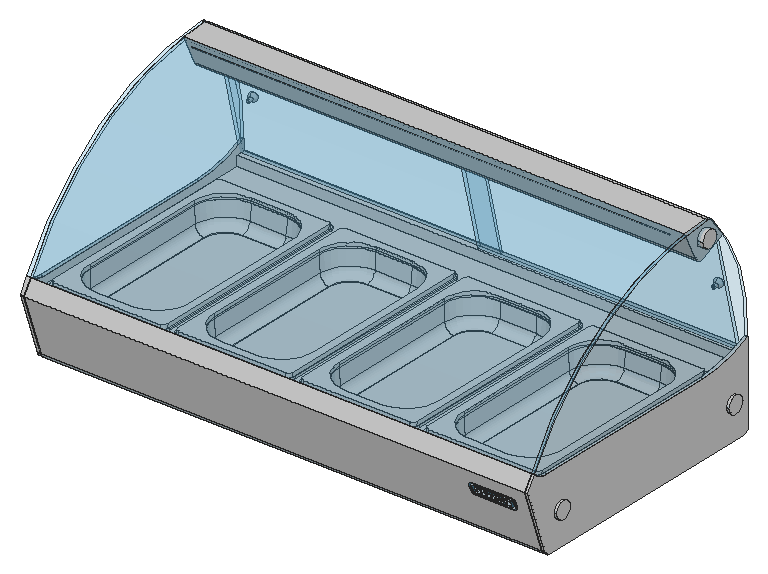
Revit family "QF_BLIZZARD_HDC1", category Specialty Equipment, Revit 2016
Family settings
  Part Type = Normal
  Round Connector Dimension = Use Diameter
  OmniClass Number = 23.40.40.14
  OmniClass Title = Food Service Equipment
  Work Plane-Based = No
  Always vertical = Yes
  Cut with Voids When Loaded = No
  Shared = No
  Room Calculation Point = No
Parameters (values of type "HDC1")
  URL = "www.blizzardequipment.com"
  Show Logo [instance] = yes
  Show Clearance [instance] = yes
  Model = "HDC1"
  Manufacturer = "BLIZZARD"
  Description = "COUNTER TOP HEATED MERCHANDISER 4 X GN1/3"
  Assembly Code = "E1090320"
Reference planes
  plane 1 "Back": y = 0
  plane 2: z = 0
  plane 3 "Left": x = 0
  plane 4 "Right": x = 773
  plane 5 "Front": y = -420
  plane 6 "Top": z = 336
Forms (mm)
  Extrusion 1, solid, visible <- "Show Logo"
    sketch origin (655.415, -361.436, -47.784) x (1, 0, 0) y (0, -0.33035, 0.943858)
      loop
        arc (22.13, 139.05) -> (23.822, 134.965) -> (27.907, 133.273) r 5.777
        line (27.907, 133.273) -> (86.809, 133.273)
        arc (86.809, 133.273) -> (90.894, 134.965) -> (92.585, 139.05) r 5.777
        line (92.585, 139.05) -> (92.585, 147.215)
        arc (92.585, 147.215) -> (90.894, 151.299) -> (86.809, 152.991) r 5.777
        line (86.809, 152.991) -> (27.907, 152.991)
        arc (27.907, 152.991) -> (23.822, 151.299) -> (22.13, 147.215) r 5.777
        line (22.13, 147.215) -> (22.13, 139.05)
    from 0 to 2
  Extrusion 2, solid, visible <- "Show Logo"
    sketch origin (655.415, -363.28, -43.122) x (1, 0, 0) y (0, -0.33035, 0.943858)
      loop
        line (30.3, 133.137) -> (36.162, 133.137)
        arc (36.162, 133.137) -> (39.122, 134.994) -> (38.048, 138.319) r 2.844
        arc (38.048, 138.319) -> (38.838, 141.267) -> (36.338, 143.017) r 2.66
        line (36.338, 143.017) -> (31.338, 143.017) -> (30.3, 133.137)
      loop
        line (33.066, 135.126) -> (35.993, 135.126)
        arc (35.993, 135.126) -> (36.943, 136.076) -> (35.993, 137.026) r 0.95
        line (35.993, 137.026) -> (33.066, 137.026) -> (33.066, 135.126)
      loop
        line (33.528, 139.285) -> (36.147, 139.285)
        arc (36.147, 139.285) -> (36.994, 140.133) -> (36.147, 140.98) r 0.847
        line (36.147, 140.98) -> (33.528, 140.98) -> (33.528, 139.285)
      loop
        line (40.306, 133.137) -> (42.874, 133.137) -> (43.912, 143.017) -> (41.344, 143.017) -> (40.306, 133.137)
      loop
        line (45.174, 140.98) -> (47.749, 140.98) -> (47.964, 143.017) -> (45.389, 143.017) -> (45.174, 140.98)
      loop
        line (45.104, 140.313) -> (44.35, 133.137) -> (46.671, 133.137) -> (47.425, 140.313) -> (45.104, 140.313)
      loop
        line (48.314, 138.359) -> (51.196, 138.359) -> (47.765, 134.548) -> (47.765, 133.137) -> (54.184, 133.137) -> (54.393, 135.126) -> (51.213, 135.126) -> (54.657, 138.952) -> (54.657, 140.313) -> (48.519, 140.313) -> (48.314, 138.359)
      loop
        line (55.213, 138.359) -> (58.095, 138.359) -> (54.664, 134.548) -> (54.664, 133.137) -> (61.084, 133.137) -> (61.293, 135.126) -> (58.112, 135.126) -> (61.557, 138.952) -> (61.557, 140.313) -> (55.419, 140.313) -> (55.213, 138.359)
      loop
        arc (64.816, 137.983) -> (65.785, 138.952) -> (66.753, 137.983) r 0.969
        line (66.753, 137.983) -> (64.711, 137.436)
        arc (64.711, 137.436) -> (62.642, 134.297) -> (66.342, 133.633) r 2.251
        line (66.342, 133.633) -> (66.77, 132.921) -> (69.168, 132.921) -> (68.641, 134.052) -> (69.084, 138.274)
        arc (69.084, 138.274) -> (65.782, 140.567) -> (62.514, 138.225) r 3.488
        line (62.514, 138.225) -> (64.816, 137.983)
      loop
        line (69.848, 133.137) -> (72.232, 133.137) -> (72.59, 136.546)
        arc (72.59, 136.546) -> (73.413, 137.974) -> (75.025, 138.32) r 2.029
        line (75.025, 138.32) -> (75.83, 140.313)
        arc (75.83, 140.313) -> (74.279, 140.541) -> (72.927, 139.749) r 2.362
        line (72.927, 139.749) -> (72.927, 140.627) -> (70.635, 140.627) -> (69.848, 133.137)
      loop
        line (82.596, 133.137) -> (83.635, 143.017) -> (81.373, 143.017) -> (81.031, 139.764)
        arc (81.031, 139.764) -> (75.402, 137.124) -> (80.359, 133.372) r 3.631
        line (80.359, 133.372) -> (82.596, 133.137)
      loop
        spline (78.956, 134.82) -> (79.32, 134.851) -> (79.675, 135.016) -> (79.994, 135.304) -> (80.258, 135.695) -> (80.446, 136.164) -> (80.548, 136.677) -> (80.555, 137.2) -> (80.468, 137.697) -> (80.292, 138.134) -> (80.039, 138.483) -> (79.727, 138.718) -> (79.376, 138.823)
        spline (79.376, 138.823) -> (79.011, 138.793) -> (78.657, 138.628) -> (78.338, 138.34) -> (78.074, 137.948) -> (77.886, 137.48) -> (77.784, 136.967) -> (77.777, 136.444) -> (77.864, 135.947) -> (78.04, 135.509) -> (78.293, 135.161) -> (78.605, 134.926) -> (78.956, 134.82)
      loop
        line (66.385, 136.28) -> (64.729, 135.958)
        arc (64.729, 135.958) -> (64.361, 135.233) -> (65.042, 134.788) r 0.609
        arc (65.042, 134.788) -> (66.068, 135.215) -> (66.385, 136.28) r 1.295
      loop
        line (85.459, 146.184) -> (29.578, 146.184)
        arc (29.578, 146.184) -> (25.494, 144.492) -> (23.802, 140.407) r 5.777
        line (23.802, 140.407) -> (23.802, 135.662)
        arc (23.802, 135.662) -> (25.494, 131.578) -> (29.578, 129.886) r 5.777
        line (29.578, 129.886) -> (85.459, 129.886)
        arc (85.459, 129.886) -> (89.544, 131.578) -> (91.236, 135.662) r 5.777
        line (91.236, 135.662) -> (91.236, 140.407)
        arc (91.236, 140.407) -> (89.544, 144.492) -> (85.459, 146.184) r 5.777
      loop
        line (85.459, 145.184) -> (29.578, 145.184)
        arc (29.578, 145.184) -> (26.201, 143.785) -> (24.802, 140.407) r 4.777
        line (24.802, 140.407) -> (24.802, 135.662)
        arc (24.802, 135.662) -> (26.201, 132.285) -> (29.578, 130.886) r 4.777
        line (29.578, 130.886) -> (85.459, 130.886)
        arc (85.459, 130.886) -> (88.837, 132.285) -> (90.236, 135.662) r 4.777
        line (90.236, 135.662) -> (90.236, 140.407)
        arc (90.236, 140.407) -> (88.837, 143.785) -> (85.459, 145.184) r 4.777
    from 0 to 2
  Revolve 3, solid
    sketch origin (617, 5, -19.911) x (0, -1, 0) y (0, 0, 1)
      loop
        line (5, 84.911) -> (5, 109.911) -> (3, 109.911) -> (3, 104.911) -> (-10, 104.911) -> (-10, 84.911) -> (5, 84.911)
      axis (5, 84.911) -> (-10, 84.911)
    angle from 0 to 360
  Extrusion 4, solid
    sketch origin (717, 15.5, -19.911) x (1, 0, 0) y (0, 0, 1)
      loop
        line (-82, 84.911) -> (-84, 84.911)
        arc (-84, 84.911) -> (-100, 68.911) -> (-116, 84.911) r 16
        line (-116, 84.911) -> (-118, 84.911)
        arc (-118, 84.911) -> (-100, 66.911) -> (-82, 84.911) r 18
    from 0 to 2
  Extrusion 5, solid
    sketch origin (717, 15.5, 16.089) x (1, 0, 0) y (0, 0, 1)
      loop
        line (-98.5, 51.911) -> (-98.5, 66.911) -> (-101.5, 66.911) -> (-101.5, 51.911) -> (-98.5, 51.911)
    from 0 to 2
  Extrusion 6, solid
    sketch origin (718, -10.001, -739.911) x (-1, 0, 0) y (0, 0, 1)
      loop
        arc (6, 815) -> (3.879, 814.121) -> (3, 812) r 3
        line (3, 812) -> (3, 798)
        arc (3, 798) -> (3.879, 795.879) -> (6, 795) r 3
        line (6, 795) -> (20, 795)
        arc (20, 795) -> (22.121, 795.879) -> (23, 798) r 3
        line (23, 798) -> (23, 812)
        arc (23, 812) -> (22.121, 814.121) -> (20, 815) r 3
        line (20, 815) -> (6, 815)
    from 9.001 to 20
  Extrusion 7, void
    sketch origin (720.5, -650.001, -739.911) x (0, -1, 0) y (0, 0, 1)
      loop
        line (-659.545, 817.359) -> (-661.721, 817.359) -> (-661.721, 793) -> (-653.921, 793) -> (-659.545, 817.359)
    from 1.654 to 31.654
  Extrusion 8, solid
    sketch origin (718, -2, -739.911) x (-1, 0, 0) y (0, 0, 1)
      loop
        arc (6, 818) -> (1.757, 816.243) -> (0, 812) r 6
        line (0, 812) -> (0, 798)
        arc (0, 798) -> (1.757, 793.757) -> (6, 792) r 6
        line (6, 792) -> (21, 792)
        arc (21, 792) -> (25.243, 793.757) -> (27, 798) r 6
        line (27, 798) -> (27, 812)
        arc (27, 812) -> (25.243, 816.243) -> (21, 818) r 6
        line (21, 818) -> (6, 818)
    from 0 to 4
  Extrusion 9, solid
    sketch origin (1074.781, -174.967, -715.087) x (-1, 0, 0) y (0, 0.224951, 0.97437)
      loop
        line (368.781, 810.281) -> (368.781, 805.281) -> (370.781, 805.281) -> (370.781, 810.281) -> (368.781, 810.281)
    from 0 to 2
  Extrusion 10, solid
    sketch origin (1074.781, -178.116, -728.729) x (-1, 0, 0) y (0, 0.224951, 0.97437)
      loop
        circle (369.781, 809.781) r 2.5
      loop
        circle (369.781, 809.781) r 3.5
    from 0 to 2
  Extrusion 11, solid
    sketch origin (669, -2, -739.911) x (-1, 0, 0) y (0, 0, 1)
      loop
        circle (2.5, 805) r 4.5
    from 0 to 4
  Sweep 12, solid
    path origin (338.5, -58.912, 75) x (0, -1, 0) y (1, 0, 0)
      loop
        line (62.985, -289.089) -> (262.011, -289.089)
        arc (262.011, -289.089) -> (279.398, -281.887) -> (286.6, -264.5) r 24.589
        line (286.6, -264.5) -> (286.6, -209.5)
        arc (286.6, -209.5) -> (279.398, -192.113) -> (262.011, -184.911) r 24.589
        line (262.011, -184.911) -> (62.985, -184.911)
        arc (62.985, -184.911) -> (45.598, -192.113) -> (38.396, -209.5) r 24.589
        line (38.396, -209.5) -> (38.396, -264.5)
        arc (38.396, -264.5) -> (45.598, -281.887) -> (62.985, -289.089) r 24.589
    profile origin (49.411, -221.41, 75) x (1, 0, 0) y (0, 0, 1)
      loop
        arc (-8.134, 2) -> (-17.771, 5.845) -> (-22.115, 15.267) r 14
        line (-22.115, 15.267) -> (-23.411, 40) -> (-25.414, 40) -> (-24.113, 15.163)
        arc (-24.113, 15.163) -> (-19.148, 4.394) -> (-8.134, 0) r 16
        line (-8.134, 0) -> (-8.134, 2)
  Extrusion 13, solid
    sketch origin (338.5, -58.912, -23) x (0, -1, 0) y (1, 0, 0)
      loop
        line (0, -156) -> (0, -318)
        arc (0, -318) -> (2.636, -324.364) -> (9, -327) r 9
        line (9, -327) -> (316, -327)
        arc (316, -327) -> (322.364, -324.364) -> (325, -318) r 9
        line (325, -318) -> (325, -156)
        arc (325, -156) -> (322.364, -149.636) -> (316, -147) r 9
        line (316, -147) -> (9, -147)
        arc (9, -147) -> (2.636, -149.636) -> (0, -156) r 9
      loop
        arc (14.985, -264.5) -> (29.043, -298.441) -> (62.985, -312.5) r 48
        line (62.985, -312.5) -> (262.2, -312.5)
        arc (262.2, -312.5) -> (296.011, -298.495) -> (310.015, -264.685) r 47.815
        line (310.015, -264.685) -> (310.015, -209.5)
        arc (310.015, -209.5) -> (295.957, -175.559) -> (262.015, -161.5) r 48
        line (262.015, -161.5) -> (62.985, -161.5)
        arc (62.985, -161.5) -> (29.043, -175.559) -> (14.985, -209.5) r 48
        line (14.985, -209.5) -> (14.985, -264.5)
    from 138 to 140
  Extrusion 14, solid
    sketch origin (338.5, -58.912, -23) x (0, -1, 0) y (1, 0, 0)
      loop
        arc (3, -318) -> (4.757, -322.243) -> (9, -324) r 6
        line (9, -324) -> (315.996, -324)
        arc (315.996, -324) -> (320.239, -322.243) -> (321.996, -318) r 6
        line (321.996, -318) -> (321.996, -156)
        arc (321.996, -156) -> (320.239, -151.757) -> (315.996, -150) r 6
        line (315.996, -150) -> (9, -150)
        arc (9, -150) -> (4.757, -151.757) -> (3, -156) r 6
        line (3, -156) -> (3, -318)
      loop
        arc (14.985, -264.5) -> (29.043, -298.441) -> (62.985, -312.5) r 48
        line (62.985, -312.5) -> (262.011, -312.5)
        arc (262.011, -312.5) -> (295.953, -298.441) -> (310.011, -264.5) r 48
        line (310.011, -264.5) -> (310.011, -209.5)
        arc (310.011, -209.5) -> (295.953, -175.559) -> (262.011, -161.5) r 48
        line (262.011, -161.5) -> (62.985, -161.5)
        arc (62.985, -161.5) -> (29.043, -175.559) -> (14.985, -209.5) r 48
        line (14.985, -209.5) -> (14.985, -264.5)
    from 140 to 145
  Extrusion 15, solid
    sketch origin (338.5, -478.828, 75.004) x (0, -1, 0.00001) y (1, 0, 0)
      loop
        line (-389.654, -264.535) -> (-389.654, -209.535)
        arc (-389.654, -209.535) -> (-380.083, -186.374) -> (-356.931, -176.777) r 32.723
        line (-356.931, -176.777) -> (-157.905, -176.777)
        arc (-157.905, -176.777) -> (-134.766, -186.361) -> (-125.182, -209.5) r 32.723
        line (-125.182, -209.5) -> (-125.182, -264.5)
        arc (-125.182, -264.5) -> (-134.766, -287.639) -> (-157.905, -297.223) r 32.723
        line (-157.905, -297.223) -> (-356.931, -297.223)
        arc (-356.931, -297.223) -> (-380.083, -287.626) -> (-389.654, -264.465) r 32.723
    from 0 to 2
  Extrusion 16, solid
    sketch origin (40, -40, 0) x (1, 0, 0) y (0, 1, 0)
      loop
        circle (0, 0) r 10
    from 0 to 15
  Extrusion 17, solid
    sketch origin (733, -40, 0) x (1, 0, 0) y (0, 1, 0)
      loop
        circle (0, 0) r 10
    from 0 to 15
  Extrusion 18, solid
    sketch origin (0, 0, 0) x (0, 1, 0) y (0, 0, 1)
      loop
        arc (-10, 15) -> (-2.929, 17.929) -> (0, 25) r 10
        line (0, 25) -> (0, 115) -> (0, 145)
        arc (0, 145) -> (-41.021, 130.574) -> (-84.147, 125) r 207.799
        line (-84.147, 125) -> (-380.87, 125)
        arc (-380.87, 125) -> (-394.738, 127.627) -> (-406.775, 135) r 39.165
        arc (-406.775, 135) -> (-413.514, 125.084) -> (-420, 115) r 471.337
        line (-420, 115) -> (-387.344, 21.696)
        arc (-387.344, 21.696) -> (-383.692, 16.844) -> (-377.905, 15) r 10
        line (-377.905, 15) -> (-10, 15)
    from 0 to 5
  Extrusion 19, solid
    sketch origin (0, 0, 0) x (0, 1, 0) y (0, 0, 1)
      loop
        arc (-10, 15) -> (-2.929, 17.929) -> (0, 25) r 10
        line (0, 25) -> (0, 115) -> (-386.775, 115) -> (-406.775, 135)
        arc (-406.775, 135) -> (-413.514, 125.084) -> (-420, 115) r 471.337
        line (-420, 115) -> (-387.344, 21.696)
        arc (-387.344, 21.696) -> (-383.692, 16.844) -> (-377.905, 15) r 10
        line (-377.905, 15) -> (-10, 15)
    from 5 to 768
  Extrusion 20, solid
    sketch origin (768, 0, 0) x (0, 1, 0) y (0, 0, 1)
      loop
        arc (-10, 15) -> (-2.929, 17.929) -> (0, 25) r 10
        line (0, 25) -> (0, 115) -> (0, 145)
        arc (0, 145) -> (-41.021, 130.574) -> (-84.147, 125) r 207.799
        line (-84.147, 125) -> (-380.87, 125)
        arc (-380.87, 125) -> (-394.738, 127.627) -> (-406.775, 135) r 39.165
        arc (-406.775, 135) -> (-413.514, 125.084) -> (-420, 115) r 471.337
        line (-420, 115) -> (-387.344, 21.696)
        arc (-387.344, 21.696) -> (-383.692, 16.844) -> (-377.905, 15) r 10
        line (-377.905, 15) -> (-10, 15)
    from 0 to 5
  Extrusion 21, solid
    sketch origin (0, 0, 0) x (0, 1, 0) y (0, 0, 1)
      loop
        arc (0, 145) -> (-14.647, 246.207) -> (-66.897, 334.111) r 262.178
        arc (-66.897, 334.111) -> (-70.369, 336.605) -> (-74.564, 337.421) r 10
        arc (-74.564, 337.421) -> (-267.811, 280.754) -> (-406.775, 135) r 388.748
        arc (-406.775, 135) -> (-394.738, 127.627) -> (-380.87, 125) r 39.165
        line (-380.87, 125) -> (-84.147, 125)
        arc (-84.147, 125) -> (-41.021, 130.574) -> (0, 145) r 207.799
    from 0 to 5
  Extrusion 22, solid
    sketch origin (768, 0, 0) x (0, 1, 0) y (0, 0, 1)
      loop
        arc (0, 145) -> (-14.647, 246.207) -> (-66.897, 334.111) r 262.178
        arc (-66.897, 334.111) -> (-70.369, 336.605) -> (-74.564, 337.421) r 10
        arc (-74.564, 337.421) -> (-267.811, 280.754) -> (-406.775, 135) r 388.748
        arc (-406.775, 135) -> (-394.738, 127.627) -> (-380.87, 125) r 39.165
        line (-380.87, 125) -> (-84.147, 125)
        arc (-84.147, 125) -> (-41.021, 130.574) -> (0, 145) r 207.799
    from 0 to 5
  Extrusion 23, solid
    sketch origin (-5, 0, 52.55) x (0, 1, 0) y (0, 0, 1)
      loop
        circle (-30, 15) r 12.45
    from 0 to 5
  Extrusion 24, solid
    sketch origin (-5, -387.905, 52.55) x (0, -1, 0) y (0, 0, -1)
      loop
        circle (-30, -15) r 12.45
    from 0 to 5
  Extrusion 25, solid
    sketch origin (-5, -49.564, 299.971) x (0, 1, 0) y (0, 0, 1)
      loop
        circle (-30, 15) r 12.45
    from 0 to 783
  Extrusion 26, solid
    sketch origin (778, 0, 52.55) x (0, 1, 0) y (0, 0, -1)
      loop
        circle (-30, -15) r 12.45
    from 0 to 5
  Extrusion 27, solid
    sketch origin (778, -387.905, 52.55) x (0, -1, 0) y (0, 0, 1)
      loop
        circle (-30, 15) r 12.45
    from 0 to 5
  Extrusion 28, solid
    sketch origin (5, 0, 0) x (0, 1, 0) y (0, 0, 1)
      loop
        arc (-66.897, 334.111) -> (-70.369, 336.605) -> (-74.564, 337.421) r 10
        arc (-74.564, 337.421) -> (-94.314, 336.459) -> (-113.989, 334.494) r 388.748
        line (-113.989, 334.494) -> (-93.317, 290.162)
        arc (-93.317, 290.162) -> (-87.674, 284.991) -> (-80.027, 285.325) r 10
        line (-80.027, 285.325) -> (-42.698, 302.732)
        arc (-42.698, 302.732) -> (-54.204, 318.879) -> (-66.897, 334.111) r 262.178
    from 0 to 763
  Extrusion 29, solid
    sketch origin (0, 0, 0) x (0, 1, 0) y (0, 0, 1)
      loop
        arc (-113.989, 334.494) -> (-284.429, 270.04) -> (-406.775, 135) r 388.748
        line (-406.775, 135) -> (-403.087, 131.313)
        arc (-403.087, 131.313) -> (-281.556, 265.947) -> (-111.768, 329.73) r 383.748
        line (-111.768, 329.73) -> (-113.989, 334.494)
    from 5 to 768
  Extrusion 30, solid
    sketch origin (0, 0, 0) x (0, 1, 0) y (0, 0, 1)
      loop
        line (0, 115) -> (0, 130) -> (-15, 130) -> (-15, 115) -> (0, 115)
    from 5 to 768
  Extrusion 31, solid
    sketch origin (0, 2.5, 0) x (0, 1, 0) y (0, 0, 1)
      loop
        line (-52.106, 299.511) -> (-10.151, 130) -> (-5, 130) -> (-47.488, 301.664) -> (-52.106, 299.511)
    from 5 to 401.5
  Extrusion 32, solid
    sketch origin (366.5, -2.354, -1.201) x (0, 1, 0) y (0, 0, 1)
      loop
        line (-51.871, 298.559) -> (-10.448, 131.201) -> (-5.297, 131.201) -> (-47.253, 300.712) -> (-51.871, 298.559)
    from 5 to 401.5
  Revolve 33, solid
    sketch origin (30, 0, 0) x (0, 1, 0) y (0, 0, 1)
      loop
        line (-23.744, 215.832) -> (-11.173, 218.943) -> (-11.733, 221.411)
        arc (-11.733, 221.411) -> (-16.002, 224.031) -> (-18.52, 219.7) r 3.501
        line (-18.52, 219.7) -> (-24.345, 218.259) -> (-23.744, 215.832)
      axis (-23.744, 215.832) -> (-11.125, 218.955)
    angle from 0 to 360
  Revolve 34, solid
    sketch origin (743, -4.854, -1.201) x (0, 1, 0) y (0, 0, -1)
      loop
        line (-23.744, -215.832) -> (-24.345, -218.259) -> (-18.52, -219.7)
        arc (-18.52, -219.7) -> (-16.002, -224.031) -> (-11.733, -221.411) r 3.501
        line (-11.733, -221.411) -> (-11.173, -218.943) -> (-23.744, -215.832)
      axis (-23.744, -215.832) -> (-11.125, -218.955)
    angle from 0 to 360
  Extrusion 35, void
    sketch origin (0, 0, 5) x (1, 0, 0) y (0, 1, 0)
      loop
        line (182.5, -61.912) -> (20.5, -61.912)
        arc (20.5, -61.912) -> (16.257, -63.67) -> (14.5, -67.912) r 6
        line (14.5, -67.912) -> (14.5, -374.908)
        arc (14.5, -374.908) -> (16.257, -379.151) -> (20.5, -380.908) r 6
        line (20.5, -380.908) -> (182.5, -380.908)
        arc (182.5, -380.908) -> (186.743, -379.151) -> (188.5, -374.908) r 6
        line (188.5, -374.908) -> (188.5, -67.912)
        arc (188.5, -67.912) -> (186.743, -63.67) -> (182.5, -61.912) r 6
    from 65 to 125
  Sweep 36, solid
    path origin (528.5, -58.912, 75) x (0, -1, 0) y (1, 0, 0)
      loop
        line (62.985, -289.089) -> (262.011, -289.089)
        arc (262.011, -289.089) -> (279.398, -281.887) -> (286.6, -264.5) r 24.589
        line (286.6, -264.5) -> (286.6, -209.5)
        arc (286.6, -209.5) -> (279.398, -192.113) -> (262.011, -184.911) r 24.589
        line (262.011, -184.911) -> (62.985, -184.911)
        arc (62.985, -184.911) -> (45.598, -192.113) -> (38.396, -209.5) r 24.589
        line (38.396, -209.5) -> (38.396, -264.5)
        arc (38.396, -264.5) -> (45.598, -281.887) -> (62.985, -289.089) r 24.589
    profile origin (239.411, -221.41, 75) x (1, 0, 0) y (0, 0, 1)
      loop
        arc (-8.134, 2) -> (-17.771, 5.845) -> (-22.115, 15.267) r 14
        line (-22.115, 15.267) -> (-23.411, 40) -> (-25.414, 40) -> (-24.113, 15.163)
        arc (-24.113, 15.163) -> (-19.148, 4.394) -> (-8.134, 0) r 16
        line (-8.134, 0) -> (-8.134, 2)
  Extrusion 37, solid
    sketch origin (528.5, -58.912, -23) x (0, -1, 0) y (1, 0, 0)
      loop
        line (0, -156) -> (0, -318)
        arc (0, -318) -> (2.636, -324.364) -> (9, -327) r 9
        line (9, -327) -> (316, -327)
        arc (316, -327) -> (322.364, -324.364) -> (325, -318) r 9
        line (325, -318) -> (325, -156)
        arc (325, -156) -> (322.364, -149.636) -> (316, -147) r 9
        line (316, -147) -> (9, -147)
        arc (9, -147) -> (2.636, -149.636) -> (0, -156) r 9
      loop
        arc (14.985, -264.5) -> (29.043, -298.441) -> (62.985, -312.5) r 48
        line (62.985, -312.5) -> (262.2, -312.5)
        arc (262.2, -312.5) -> (296.011, -298.495) -> (310.015, -264.685) r 47.815
        line (310.015, -264.685) -> (310.015, -209.5)
        arc (310.015, -209.5) -> (295.957, -175.559) -> (262.015, -161.5) r 48
        line (262.015, -161.5) -> (62.985, -161.5)
        arc (62.985, -161.5) -> (29.043, -175.559) -> (14.985, -209.5) r 48
        line (14.985, -209.5) -> (14.985, -264.5)
    from 138 to 140
  Extrusion 38, solid
    sketch origin (528.5, -58.912, -23) x (0, -1, 0) y (1, 0, 0)
      loop
        arc (3, -318) -> (4.757, -322.243) -> (9, -324) r 6
        line (9, -324) -> (315.996, -324)
        arc (315.996, -324) -> (320.239, -322.243) -> (321.996, -318) r 6
        line (321.996, -318) -> (321.996, -156)
        arc (321.996, -156) -> (320.239, -151.757) -> (315.996, -150) r 6
        line (315.996, -150) -> (9, -150)
        arc (9, -150) -> (4.757, -151.757) -> (3, -156) r 6
        line (3, -156) -> (3, -318)
      loop
        arc (14.985, -264.5) -> (29.043, -298.441) -> (62.985, -312.5) r 48
        line (62.985, -312.5) -> (262.011, -312.5)
        arc (262.011, -312.5) -> (295.953, -298.441) -> (310.011, -264.5) r 48
        line (310.011, -264.5) -> (310.011, -209.5)
        arc (310.011, -209.5) -> (295.953, -175.559) -> (262.011, -161.5) r 48
        line (262.011, -161.5) -> (62.985, -161.5)
        arc (62.985, -161.5) -> (29.043, -175.559) -> (14.985, -209.5) r 48
        line (14.985, -209.5) -> (14.985, -264.5)
    from 140 to 145
  Extrusion 39, solid
    sketch origin (528.5, -478.828, 75.004) x (0, -1, 0.00001) y (1, 0, 0)
      loop
        arc (-356.931, -176.777) -> (-380.083, -186.374) -> (-389.654, -209.535) r 32.723
        line (-389.654, -209.535) -> (-389.654, -264.465)
        arc (-389.654, -264.465) -> (-380.083, -287.626) -> (-356.931, -297.223) r 32.723
        line (-356.931, -297.223) -> (-157.905, -297.223)
        arc (-157.905, -297.223) -> (-134.766, -287.639) -> (-125.182, -264.5) r 32.723
        line (-125.182, -264.5) -> (-125.182, -209.5)
        arc (-125.182, -209.5) -> (-134.766, -186.361) -> (-157.905, -176.777) r 32.723
        line (-157.905, -176.777) -> (-356.931, -176.777)
    from 0 to 2
  Extrusion 40, void
    sketch origin (190, 0, 5) x (1, 0, 0) y (0, 1, 0)
      loop
        line (182.5, -61.912) -> (20.5, -61.912)
        arc (20.5, -61.912) -> (16.257, -63.67) -> (14.5, -67.912) r 6
        line (14.5, -67.912) -> (14.5, -374.908)
        arc (14.5, -374.908) -> (16.257, -379.151) -> (20.5, -380.908) r 6
        line (20.5, -380.908) -> (182.5, -380.908)
        arc (182.5, -380.908) -> (186.743, -379.151) -> (188.5, -374.908) r 6
        line (188.5, -374.908) -> (188.5, -67.912)
        arc (188.5, -67.912) -> (186.743, -63.67) -> (182.5, -61.912) r 6
    from 65 to 125
  Sweep 41, solid
    path origin (718.5, -58.912, 75) x (0, -1, 0) y (1, 0, 0)
      loop
        line (62.985, -289.089) -> (262.011, -289.089)
        arc (262.011, -289.089) -> (279.398, -281.887) -> (286.6, -264.5) r 24.589
        line (286.6, -264.5) -> (286.6, -209.5)
        arc (286.6, -209.5) -> (279.398, -192.113) -> (262.011, -184.911) r 24.589
        line (262.011, -184.911) -> (62.985, -184.911)
        arc (62.985, -184.911) -> (45.598, -192.113) -> (38.396, -209.5) r 24.589
        line (38.396, -209.5) -> (38.396, -264.5)
        arc (38.396, -264.5) -> (45.598, -281.887) -> (62.985, -289.089) r 24.589
    profile origin (429.411, -221.41, 75) x (1, 0, 0) y (0, 0, 1)
      loop
        arc (-8.134, 2) -> (-17.771, 5.845) -> (-22.115, 15.267) r 14
        line (-22.115, 15.267) -> (-23.411, 40) -> (-25.414, 40) -> (-24.113, 15.163)
        arc (-24.113, 15.163) -> (-19.148, 4.394) -> (-8.134, 0) r 16
        line (-8.134, 0) -> (-8.134, 2)
  Extrusion 42, solid
    sketch origin (718.5, -58.912, -23) x (0, -1, 0) y (1, 0, 0)
      loop
        line (0, -156) -> (0, -318)
        arc (0, -318) -> (2.636, -324.364) -> (9, -327) r 9
        line (9, -327) -> (316, -327)
        arc (316, -327) -> (322.364, -324.364) -> (325, -318) r 9
        line (325, -318) -> (325, -156)
        arc (325, -156) -> (322.364, -149.636) -> (316, -147) r 9
        line (316, -147) -> (9, -147)
        arc (9, -147) -> (2.636, -149.636) -> (0, -156) r 9
      loop
        arc (14.985, -264.5) -> (29.043, -298.441) -> (62.985, -312.5) r 48
        line (62.985, -312.5) -> (262.2, -312.5)
        arc (262.2, -312.5) -> (296.011, -298.495) -> (310.015, -264.685) r 47.815
        line (310.015, -264.685) -> (310.015, -209.5)
        arc (310.015, -209.5) -> (295.957, -175.559) -> (262.015, -161.5) r 48
        line (262.015, -161.5) -> (62.985, -161.5)
        arc (62.985, -161.5) -> (29.043, -175.559) -> (14.985, -209.5) r 48
        line (14.985, -209.5) -> (14.985, -264.5)
    from 138 to 140
  Extrusion 43, solid
    sketch origin (718.5, -58.912, -23) x (0, -1, 0) y (1, 0, 0)
      loop
        arc (3, -318) -> (4.757, -322.243) -> (9, -324) r 6
        line (9, -324) -> (315.996, -324)
        arc (315.996, -324) -> (320.239, -322.243) -> (321.996, -318) r 6
        line (321.996, -318) -> (321.996, -156)
        arc (321.996, -156) -> (320.239, -151.757) -> (315.996, -150) r 6
        line (315.996, -150) -> (9, -150)
        arc (9, -150) -> (4.757, -151.757) -> (3, -156) r 6
        line (3, -156) -> (3, -318)
      loop
        arc (14.985, -264.5) -> (29.043, -298.441) -> (62.985, -312.5) r 48
        line (62.985, -312.5) -> (262.011, -312.5)
        arc (262.011, -312.5) -> (295.953, -298.441) -> (310.011, -264.5) r 48
        line (310.011, -264.5) -> (310.011, -209.5)
        arc (310.011, -209.5) -> (295.953, -175.559) -> (262.011, -161.5) r 48
        line (262.011, -161.5) -> (62.985, -161.5)
        arc (62.985, -161.5) -> (29.043, -175.559) -> (14.985, -209.5) r 48
        line (14.985, -209.5) -> (14.985, -264.5)
    from 140 to 145
  Extrusion 44, solid
    sketch origin (718.5, -478.828, 75.004) x (0, -1, 0.00001) y (1, 0, 0)
      loop
        arc (-356.931, -176.777) -> (-380.083, -186.374) -> (-389.654, -209.535) r 32.723
        line (-389.654, -209.535) -> (-389.654, -264.465)
        arc (-389.654, -264.465) -> (-380.083, -287.626) -> (-356.931, -297.223) r 32.723
        line (-356.931, -297.223) -> (-157.905, -297.223)
        arc (-157.905, -297.223) -> (-134.766, -287.639) -> (-125.182, -264.5) r 32.723
        line (-125.182, -264.5) -> (-125.182, -209.5)
        arc (-125.182, -209.5) -> (-134.766, -186.361) -> (-157.905, -176.777) r 32.723
        line (-157.905, -176.777) -> (-356.931, -176.777)
    from 0 to 2
  Extrusion 45, void
    sketch origin (380, 0, 5) x (1, 0, 0) y (0, 1, 0)
      loop
        line (182.5, -61.912) -> (20.5, -61.912)
        arc (20.5, -61.912) -> (16.257, -63.67) -> (14.5, -67.912) r 6
        line (14.5, -67.912) -> (14.5, -374.908)
        arc (14.5, -374.908) -> (16.257, -379.151) -> (20.5, -380.908) r 6
        line (20.5, -380.908) -> (182.5, -380.908)
        arc (182.5, -380.908) -> (186.743, -379.151) -> (188.5, -374.908) r 6
        line (188.5, -374.908) -> (188.5, -67.912)
        arc (188.5, -67.912) -> (186.743, -63.67) -> (182.5, -61.912) r 6
    from 65 to 125
  Sweep 46, solid
    path origin (908.5, -58.912, 75) x (0, -1, 0) y (1, 0, 0)
      loop
        line (62.985, -289.089) -> (262.011, -289.089)
        arc (262.011, -289.089) -> (279.398, -281.887) -> (286.6, -264.5) r 24.589
        line (286.6, -264.5) -> (286.6, -209.5)
        arc (286.6, -209.5) -> (279.398, -192.113) -> (262.011, -184.911) r 24.589
        line (262.011, -184.911) -> (62.985, -184.911)
        arc (62.985, -184.911) -> (45.598, -192.113) -> (38.396, -209.5) r 24.589
        line (38.396, -209.5) -> (38.396, -264.5)
        arc (38.396, -264.5) -> (45.598, -281.887) -> (62.985, -289.089) r 24.589
    profile origin (619.411, -221.41, 75) x (1, 0, 0) y (0, 0, 1)
      loop
        arc (-8.134, 2) -> (-17.771, 5.845) -> (-22.115, 15.267) r 14
        line (-22.115, 15.267) -> (-23.411, 40) -> (-25.414, 40) -> (-24.113, 15.163)
        arc (-24.113, 15.163) -> (-19.148, 4.394) -> (-8.134, 0) r 16
        line (-8.134, 0) -> (-8.134, 2)
  Extrusion 47, solid
    sketch origin (908.5, -58.912, -23) x (0, -1, 0) y (1, 0, 0)
      loop
        line (0, -156) -> (0, -318)
        arc (0, -318) -> (2.636, -324.364) -> (9, -327) r 9
        line (9, -327) -> (316, -327)
        arc (316, -327) -> (322.364, -324.364) -> (325, -318) r 9
        line (325, -318) -> (325, -156)
        arc (325, -156) -> (322.364, -149.636) -> (316, -147) r 9
        line (316, -147) -> (9, -147)
        arc (9, -147) -> (2.636, -149.636) -> (0, -156) r 9
      loop
        arc (14.985, -264.5) -> (29.043, -298.441) -> (62.985, -312.5) r 48
        line (62.985, -312.5) -> (262.2, -312.5)
        arc (262.2, -312.5) -> (296.011, -298.495) -> (310.015, -264.685) r 47.815
        line (310.015, -264.685) -> (310.015, -209.5)
        arc (310.015, -209.5) -> (295.957, -175.559) -> (262.015, -161.5) r 48
        line (262.015, -161.5) -> (62.985, -161.5)
        arc (62.985, -161.5) -> (29.043, -175.559) -> (14.985, -209.5) r 48
        line (14.985, -209.5) -> (14.985, -264.5)
    from 138 to 140
  Extrusion 48, solid
    sketch origin (908.5, -58.912, -23) x (0, -1, 0) y (1, 0, 0)
      loop
        arc (3, -318) -> (4.757, -322.243) -> (9, -324) r 6
        line (9, -324) -> (315.996, -324)
        arc (315.996, -324) -> (320.239, -322.243) -> (321.996, -318) r 6
        line (321.996, -318) -> (321.996, -156)
        arc (321.996, -156) -> (320.239, -151.757) -> (315.996, -150) r 6
        line (315.996, -150) -> (9, -150)
        arc (9, -150) -> (4.757, -151.757) -> (3, -156) r 6
        line (3, -156) -> (3, -318)
      loop
        arc (14.985, -264.5) -> (29.043, -298.441) -> (62.985, -312.5) r 48
        line (62.985, -312.5) -> (262.011, -312.5)
        arc (262.011, -312.5) -> (295.953, -298.441) -> (310.011, -264.5) r 48
        line (310.011, -264.5) -> (310.011, -209.5)
        arc (310.011, -209.5) -> (295.953, -175.559) -> (262.011, -161.5) r 48
        line (262.011, -161.5) -> (62.985, -161.5)
        arc (62.985, -161.5) -> (29.043, -175.559) -> (14.985, -209.5) r 48
        line (14.985, -209.5) -> (14.985, -264.5)
    from 140 to 145
  Extrusion 49, solid
    sketch origin (908.5, -478.828, 75.004) x (0, -1, 0.00001) y (1, 0, 0)
      loop
        arc (-356.931, -176.777) -> (-380.083, -186.374) -> (-389.654, -209.535) r 32.723
        line (-389.654, -209.535) -> (-389.654, -264.465)
        arc (-389.654, -264.465) -> (-380.083, -287.626) -> (-356.931, -297.223) r 32.723
        line (-356.931, -297.223) -> (-157.905, -297.223)
        arc (-157.905, -297.223) -> (-134.766, -287.639) -> (-125.182, -264.5) r 32.723
        line (-125.182, -264.5) -> (-125.182, -209.5)
        arc (-125.182, -209.5) -> (-134.766, -186.361) -> (-157.905, -176.777) r 32.723
        line (-157.905, -176.777) -> (-356.931, -176.777)
    from 0 to 2
  Extrusion 50, void
    sketch origin (570, 0, 5) x (1, 0, 0) y (0, 1, 0)
      loop
        line (182.5, -61.912) -> (20.5, -61.912)
        arc (20.5, -61.912) -> (16.257, -63.67) -> (14.5, -67.912) r 6
        line (14.5, -67.912) -> (14.5, -374.908)
        arc (14.5, -374.908) -> (16.257, -379.151) -> (20.5, -380.908) r 6
        line (20.5, -380.908) -> (182.5, -380.908)
        arc (182.5, -380.908) -> (186.743, -379.151) -> (188.5, -374.908) r 6
        line (188.5, -374.908) -> (188.5, -67.912)
        arc (188.5, -67.912) -> (186.743, -63.67) -> (182.5, -61.912) r 6
    from 65 to 125
Cuts and joins
  Extrusion 7 cuts Extrusion 6
  Extrusion 35, Extrusion 40, Extrusion 45, Extrusion 50 cuts Extrusion 19
Lines and regions (mm)
  symbolic lines, style "200-EquipInternal-2D"
    curve 1: arc (23.997, -121.897, 0) -> (38.643, -86.54, 0) -> (74, -71.894, 0) r 50.003
    curve 2: line (74, -71.894, 0) -> (129, -71.894, 0)
    curve 3: arc (129, -71.894, 0) -> (164.357, -86.54, 0) -> (179.003, -121.897, 0) r 50.003
    curve 4: line (179.003, -121.897, 0) -> (179.003, -320.924, 0)
    curve 5: line (23.997, -320.924, 0) -> (23.997, -121.897, 0)
    curve 6: arc (74, -370.927, 0) -> (38.643, -356.281, 0) -> (23.997, -320.924, 0) r 50.003
    curve 7: line (129, -370.927, 0) -> (74, -370.927, 0)
    curve 8: arc (179.003, -320.924, 0) -> (164.357, -356.281, 0) -> (129, -370.927, 0) r 50.003
    curve 9: arc (213.997, -121.897, 0) -> (228.643, -86.54, 0) -> (264, -71.894, 0) r 50.003
    curve 10: line (264, -71.894, 0) -> (319, -71.894, 0)
    curve 11: arc (319, -71.894, 0) -> (354.357, -86.54, 0) -> (369.003, -121.897, 0) r 50.003
    curve 12: line (369.003, -121.897, 0) -> (369.003, -320.924, 0)
    curve 13: line (213.997, -320.924, 0) -> (213.997, -121.897, 0)
    curve 14: arc (264, -370.927, 0) -> (228.643, -356.281, 0) -> (213.997, -320.924, 0) r 50.003
    curve 15: line (319, -370.927, 0) -> (264, -370.927, 0)
    curve 16: arc (369.003, -320.924, 0) -> (354.357, -356.281, 0) -> (319, -370.927, 0) r 50.003
    curve 17: arc (403.997, -121.897, 0) -> (418.643, -86.54, 0) -> (454, -71.894, 0) r 50.003
    curve 18: line (454, -71.894, 0) -> (509, -71.894, 0)
    curve 19: arc (509, -71.894, 0) -> (544.357, -86.54, 0) -> (559.003, -121.897, 0) r 50.003
    curve 20: line (559.003, -121.897, 0) -> (559.003, -320.924, 0)
    curve 21: line (403.997, -320.924, 0) -> (403.997, -121.897, 0)
    curve 22: arc (454, -370.927, 0) -> (418.643, -356.281, 0) -> (403.997, -320.924, 0) r 50.003
    curve 23: line (509, -370.927, 0) -> (454, -370.927, 0)
    curve 24: arc (559.003, -320.924, 0) -> (544.357, -356.281, 0) -> (509, -370.927, 0) r 50.003
    curve 25: arc (593.997, -121.897, 0) -> (608.643, -86.54, 0) -> (644, -71.894, 0) r 50.003
    curve 26: line (644, -71.894, 0) -> (699, -71.894, 0)
    curve 27: arc (699, -71.894, 0) -> (734.357, -86.54, 0) -> (749.003, -121.897, 0) r 50.003
    curve 28: line (749.003, -121.897, 0) -> (749.003, -320.924, 0)
    curve 29: line (593.997, -320.924, 0) -> (593.997, -121.897, 0)
    curve 30: arc (644, -370.927, 0) -> (608.643, -356.281, 0) -> (593.997, -320.924, 0) r 50.003
    curve 31: line (699, -370.927, 0) -> (644, -370.927, 0)
    curve 32: arc (749.003, -320.924, 0) -> (734.357, -356.281, 0) -> (699, -370.927, 0) r 50.003
    curve 37: line (0, -42.698, 0) -> (773, -42.698, 0)
    curve 38: line (773, -406.775, 0) -> (0, -406.775, 0)
  symbolic lines, style "200-EquipBorder-2D"
    curve 33: line (0, 0, 0) -> (0, -420, 0)
    curve 34: line (773, 0, 0) -> (0, 0, 0)
    curve 35: line (0, -420, 0) -> (773, -420, 0)
    curve 36: line (773, -420, 0) -> (773, 0, 0)
Dimensions and locks
  plane 3 "Left" to plane 4 "Right" = 773 mm
  plane 5 "Front" to plane 1 "Back" = 420 mm
  plane 6 "Top" to level = 336 mm  (x2)
  plane 1 "Back" to plane 5 "Front" = 420 mm
  plane 4 "Right" to plane 3 "Left" = 773 mm
  aligned and locked: level to plane 2
